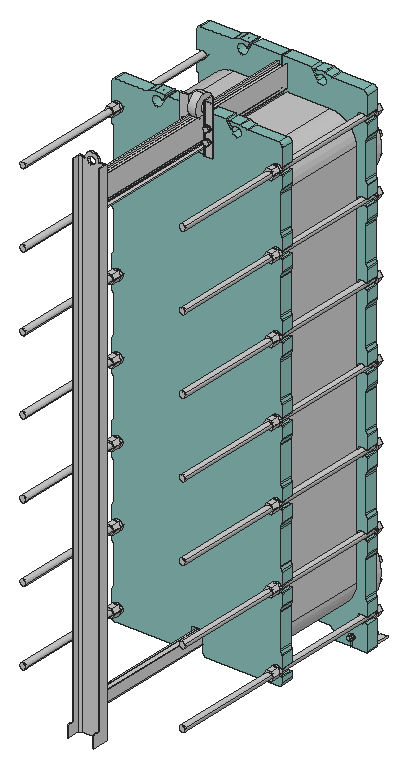
Revit family "MIT 5125 - Heat Exchanger", category Specialty Equipment, Revit 2022 (continued)
Forms (mm)
  Extrusion 12, solid, material "Galvanized Steel- S235JR", detail levels medium+fine
    sketch origin (0, 0, 0) x (1, 0, 0) y (0, 0, 1)
      loop
        circle (-404.5, 2426.5) r 25
      loop
        circle (-404.5, 2046.5) r 25
      loop
        circle (-404.5, 1666.5) r 25
      loop
        circle (-404.5, 1286.5) r 25
      loop
        circle (-404.5, 906.5) r 25
      loop
        circle (-404.5, 526.5) r 25
      loop
        circle (-404.5, 146.5) r 25
    from 0 to -7.5
  Extrusion 13, solid, material "Galvanized Steel- S235JR", detail levels fine
    sketch origin (4.063, -600, 0) x (1, 0, 0) y (0, 0, 1)
      loop
        line (413.716, 169.5) -> (387.158, 169.5) -> (373.879, 146.5) -> (387.158, 123.5) -> (413.716, 123.5) -> (426.995, 146.5) -> (413.716, 169.5)
      loop
        line (413.716, 549.5) -> (387.158, 549.5) -> (373.879, 526.5) -> (387.158, 503.5) -> (413.716, 503.5) -> (426.995, 526.5) -> (413.716, 549.5)
      loop
        line (413.716, 929.5) -> (387.158, 929.5) -> (373.879, 906.5) -> (387.158, 883.5) -> (413.716, 883.5) -> (426.995, 906.5) -> (413.716, 929.5)
      loop
        line (413.716, 1309.5) -> (387.158, 1309.5) -> (373.879, 1286.5) -> (387.158, 1263.5) -> (413.716, 1263.5) -> (426.995, 1286.5) -> (413.716, 1309.5)
      loop
        line (413.716, 1689.5) -> (387.158, 1689.5) -> (373.879, 1666.5) -> (387.158, 1643.5) -> (413.716, 1643.5) -> (426.995, 1666.5) -> (413.716, 1689.5)
      loop
        line (413.716, 2069.5) -> (387.158, 2069.5) -> (373.879, 2046.5) -> (387.158, 2023.5) -> (413.716, 2023.5) -> (426.995, 2046.5) -> (413.716, 2069.5)
      loop
        line (413.716, 2449.5) -> (387.158, 2449.5) -> (373.879, 2426.5) -> (387.158, 2403.5) -> (413.716, 2403.5) -> (426.995, 2426.5) -> (413.716, 2449.5)
      loop
        line (-421.842, 169.5) -> (-435.121, 146.5) -> (-421.842, 123.5) -> (-395.284, 123.5) -> (-382.005, 146.5) -> (-395.284, 169.5) -> (-421.842, 169.5)
      loop
        line (-421.842, 549.5) -> (-435.121, 526.5) -> (-421.842, 503.5) -> (-395.284, 503.5) -> (-382.005, 526.5) -> (-395.284, 549.5) -> (-421.842, 549.5)
      loop
        line (-421.842, 929.5) -> (-435.121, 906.5) -> (-421.842, 883.5) -> (-395.284, 883.5) -> (-382.005, 906.5) -> (-395.284, 929.5) -> (-421.842, 929.5)
      loop
        line (-421.842, 1309.5) -> (-435.121, 1286.5) -> (-421.842, 1263.5) -> (-395.284, 1263.5) -> (-382.005, 1286.5) -> (-395.284, 1309.5) -> (-421.842, 1309.5)
      loop
        line (-421.842, 1689.5) -> (-435.121, 1666.5) -> (-421.842, 1643.5) -> (-395.284, 1643.5) -> (-382.005, 1666.5) -> (-395.284, 1689.5) -> (-421.842, 1689.5)
      loop
        line (-421.842, 2069.5) -> (-435.121, 2046.5) -> (-421.842, 2023.5) -> (-395.284, 2023.5) -> (-382.005, 2046.5) -> (-395.284, 2069.5) -> (-421.842, 2069.5)
      loop
        line (-421.842, 2449.5) -> (-435.121, 2426.5) -> (-421.842, 2403.5) -> (-395.284, 2403.5) -> (-382.005, 2426.5) -> (-395.284, 2449.5) -> (-421.842, 2449.5)
    from 11 to 51.1
  Extrusion 14, solid, material "Galvanized Steel- S235JR", detail levels fine
    sketch origin (4.063, -600, 0) x (1, 0, 0) y (0, 0, 1)
      loop
        circle (400.437, 2426.5) r 25
      loop
        circle (400.437, 2046.5) r 25
      loop
        circle (400.437, 1666.5) r 25
      loop
        circle (400.437, 1286.5) r 25
      loop
        circle (400.437, 906.5) r 25
      loop
        circle (400.437, 526.5) r 25
      loop
        circle (400.437, 146.5) r 25
      loop
        circle (-408.563, 2426.5) r 25
      loop
        circle (-408.563, 2046.5) r 25
      loop
        circle (-408.563, 1666.5) r 25
      loop
        circle (-408.563, 1286.5) r 25
      loop
        circle (-408.563, 906.5) r 25
      loop
        circle (-408.563, 526.5) r 25
      loop
        circle (-408.563, 146.5) r 25
    from 11 to 0
  Extrusion 15, solid, material "Galvanized Steel- S235JR", detail levels medium+fine
    sketch origin (0, 0, 0) x (1, 0, 0) y (0, 0, 1)
      loop
        line (417.779, 169.5) -> (391.221, 169.5) -> (377.942, 146.5) -> (391.221, 123.5) -> (417.779, 123.5) -> (431.058, 146.5) -> (417.779, 169.5)
      loop
        line (417.779, 549.5) -> (391.221, 549.5) -> (377.942, 526.5) -> (391.221, 503.5) -> (417.779, 503.5) -> (431.058, 526.5) -> (417.779, 549.5)
      loop
        line (417.779, 929.5) -> (391.221, 929.5) -> (377.942, 906.5) -> (391.221, 883.5) -> (417.779, 883.5) -> (431.058, 906.5) -> (417.779, 929.5)
      loop
        line (417.779, 1309.5) -> (391.221, 1309.5) -> (377.942, 1286.5) -> (391.221, 1263.5) -> (417.779, 1263.5) -> (431.058, 1286.5) -> (417.779, 1309.5)
      loop
        line (417.779, 1689.5) -> (391.221, 1689.5) -> (377.942, 1666.5) -> (391.221, 1643.5) -> (417.779, 1643.5) -> (431.058, 1666.5) -> (417.779, 1689.5)
      loop
        line (417.779, 2069.5) -> (391.221, 2069.5) -> (377.942, 2046.5) -> (391.221, 2023.5) -> (417.779, 2023.5) -> (431.058, 2046.5) -> (417.779, 2069.5)
      loop
        line (417.779, 2449.5) -> (391.221, 2449.5) -> (377.942, 2426.5) -> (391.221, 2403.5) -> (417.779, 2403.5) -> (431.058, 2426.5) -> (417.779, 2449.5)
      loop
        line (-417.779, 169.5) -> (-431.058, 146.5) -> (-417.779, 123.5) -> (-391.221, 123.5) -> (-377.942, 146.5) -> (-391.221, 169.5) -> (-417.779, 169.5)
      loop
        line (-417.779, 549.5) -> (-431.058, 526.5) -> (-417.779, 503.5) -> (-391.221, 503.5) -> (-377.942, 526.5) -> (-391.221, 549.5) -> (-417.779, 549.5)
      loop
        line (-417.779, 929.5) -> (-431.058, 906.5) -> (-417.779, 883.5) -> (-391.221, 883.5) -> (-377.942, 906.5) -> (-391.221, 929.5) -> (-417.779, 929.5)
      loop
        line (-417.779, 1309.5) -> (-431.058, 1286.5) -> (-417.779, 1263.5) -> (-391.221, 1263.5) -> (-377.942, 1286.5) -> (-391.221, 1309.5) -> (-417.779, 1309.5)
      loop
        line (-417.779, 1689.5) -> (-431.058, 1666.5) -> (-417.779, 1643.5) -> (-391.221, 1643.5) -> (-377.942, 1666.5) -> (-391.221, 1689.5) -> (-417.779, 1689.5)
      loop
        line (-417.779, 2069.5) -> (-431.058, 2046.5) -> (-417.779, 2023.5) -> (-391.221, 2023.5) -> (-377.942, 2046.5) -> (-391.221, 2069.5) -> (-417.779, 2069.5)
      loop
        line (-417.779, 2449.5) -> (-431.058, 2426.5) -> (-417.779, 2403.5) -> (-391.221, 2403.5) -> (-377.942, 2426.5) -> (-391.221, 2449.5) -> (-417.779, 2449.5)
    from -7.5 to -38.2
  Extrusion 16, solid, material "Galvanized Steel- S235JR", detail levels medium+fine
    sketch origin (0, 0, 0) x (1, 0, 0) y (0, 0, 1)
      loop
        circle (219.5, 2256) r 202.5
      loop
        circle (219.5, 2256) r 138.25
      loop
        circle (-219.5, 2256) r 138.25
      loop
        circle (-219.5, 2256) r 202.5
      loop
        circle (-219.5, 317) r 202.5
      loop
        circle (219.5, 317) r 202.5
      loop
        circle (219.5, 317) r 138.25
      loop
        circle (-219.5, 317) r 138.25
    from -37 to 0
  Extrusion 17, void
    sketch origin (202.5, -37.5, 7.5) x (0, 1, 0) y (-1, 0, 0)
      loop
        line (122.5, -85.625) -> (122.5, 490.625) -> (37.5, 490.625) -> (37.5, -85.625) -> (122.5, -85.625)
      loop
        line (88.664, -133.5) -> (122.5, -133.5) -> (122.5, -116.5) -> (88.664, -116.5)
        arc (88.664, -116.5) -> (72, -125) -> (88.664, -133.5) r 10.5
      loop
        line (88.664, -183.5) -> (122.5, -183.5) -> (122.5, -166.5) -> (88.664, -166.5)
        arc (88.664, -166.5) -> (72, -175) -> (88.664, -183.5) r 10.5
      loop
        line (88.664, 521.5) -> (122.5, 521.5) -> (122.5, 538.5) -> (88.664, 538.5)
        arc (88.664, 538.5) -> (72, 530) -> (88.664, 521.5) r 10.5
      loop
        line (88.664, 571.5) -> (122.5, 571.5) -> (122.5, 588.5) -> (88.664, 588.5)
        arc (88.664, 588.5) -> (72, 580) -> (88.664, 571.5) r 10.5
    from -7.5 to 77.5
  Extrusion 18, solid, material "Galvanized Steel- S235JR"
    sketch origin (0, 0, 0) x (0, 1, 0) y (0, 0, 1)
      loop
        line (8, 11) -> (8, 85) -> (0, 85) -> (0, 3)
        arc (0, 3) -> (0.879, 0.879) -> (3, 0) r 3
        line (3, 0) -> (85, 0) -> (85, 8) -> (11, 8)
        arc (11, 8) -> (8.879, 8.879) -> (8, 11) r 3
    from -417.5 to 417.5
  Extrusion 19, solid, material "Galvanized Steel- S235JR"
    sketch origin (4.063, -600, 712.4) x (1, 0, 0) y (0, 0, 1)
      loop
        line (77.937, 1650.6) -> (77.937, 1900.6) -> (32.937, 1900.6) -> (32.937, 1650.6) -> (77.937, 1650.6)
      loop
        line (-86.063, 1650.6) -> (-41.063, 1650.6) -> (-41.063, 1900.6) -> (-86.063, 1900.6) -> (-86.063, 1650.6)
      loop
        circle (-61.775, 1778.105) r 8
      loop
        circle (-61.775, 1728.105) r 8
      loop
        circle (53.645, 1778.105) r 8
      loop
        circle (53.645, 1728.105) r 8
    from 6 to 2
  Extrusion 20, solid, material "Galvanized Steel- S235JR"
    sketch origin (4.063, -602, 712.4) x (-1, 0, 0) y (0, 0, 1)
      loop
        line (-32.937, 1650.6) -> (-32.937, 1900.6) -> (-36.937, 1900.6) -> (-36.937, 1650.6) -> (-32.937, 1650.6)
      loop
        line (41.063, 1650.6) -> (45.063, 1650.6) -> (45.063, 1900.6) -> (41.063, 1900.6) -> (41.063, 1650.6)
    from 0 to 42
  Extrusion 21, solid, material "Galvanized Steel- S235JR"
    sketch origin (-37, -598.562, 2380.492) x (0, 0, 1) y (0, -1, 0)
      loop
        circle (190, -19) r 55
      loop
        circle (190, -19) r 25
    from 17 to 57
  Extrusion 22, solid, material "Galvanized Steel- S235JR"
    sketch origin (-37, -598.563, 2380.501) x (0, 0, 1) y (0, -1, 0)
      loop
        circle (190, -19) r 24.5
    from 0 to 74
  Extrusion 23, solid, material "Galvanized Steel- S235JR"
    sketch origin (-37, -598.562, 2380.492) x (0, 0, 1) y (0, -1, 0)
      loop
        circle (190, -19) r 8
    from -24.052 to 98.5
  Extrusion 24, solid, material "Galvanized Steel- S235JR", detail levels fine
    sketch origin (-37, -598.562, 2380.492) x (0, 0, 1) y (0, -1, 0)
      loop
        line (202.813, -23.837) -> (199.73, -9.822) -> (186.917, -5.985) -> (177.187, -15.163) -> (180.27, -29.178) -> (193.083, -33.015) -> (202.813, -23.837)
    from -15 to 89
  Extrusion 25, solid, material "Galvanized Steel- S235JR", detail levels fine
    sketch origin (-37, -598.562, 2380.492) x (0, 0, 1) y (0, -1, 0)
      loop
        circle (190, -19) r 15
    from -7 to 81
  Extrusion 26, solid, material "Galvanized Steel- S235JR", detail levels medium+fine
    sketch origin (6.091, -600, 1109.777) x (1, 0, 0) y (0, 0, 1)
      loop
        circle (51.659, 1382.723) r 15
      loop
        circle (51.659, 1322.723) r 15
      loop
        circle (-63.841, 1382.723) r 15
      loop
        circle (-63.841, 1322.723) r 15
    from 7.3 to 6
  Extrusion 27, solid, material "Galvanized Steel- S235JR", detail levels medium+fine
    sketch origin (6.091, -600, 1109.777) x (1, 0, 0) y (0, 0, 1)
      loop
        line (60.441, 1334.178) -> (46.13, 1336.056) -> (37.348, 1324.602) -> (42.876, 1311.269) -> (57.188, 1309.391) -> (65.97, 1320.845) -> (60.441, 1334.178)
      loop
        line (60.441, 1394.178) -> (46.13, 1396.056) -> (37.348, 1384.602) -> (42.876, 1371.269) -> (57.188, 1369.391) -> (65.97, 1380.845) -> (60.441, 1394.178)
      loop
        line (-72.624, 1334.178) -> (-78.152, 1320.845) -> (-69.37, 1309.391) -> (-55.059, 1311.269) -> (-49.53, 1324.602) -> (-58.312, 1336.056) -> (-72.624, 1334.178)
      loop
        line (-72.624, 1394.178) -> (-78.152, 1380.845) -> (-69.37, 1369.391) -> (-55.059, 1371.269) -> (-49.53, 1384.602) -> (-58.312, 1396.056) -> (-72.624, 1394.178)
    from 17.3 to 7.3
  Extrusion 28, solid, material "AISI 316L/Titanium/Hastelloy", detail levels fine
    sketch origin (6.091, -540, 768.238) x (-1, 0, 0) y (0, 0, 1)
      loop
        circle (-51.659, 1724.262) r 15
      loop
        circle (-51.659, 1664.262) r 15
      loop
        circle (63.841, 1664.262) r 15
      loop
        circle (63.841, 1724.262) r 15
    from 0 to 2.7
  Extrusion 29, solid, material "AISI 316L/Titanium/Hastelloy", detail levels fine
    sketch origin (6.091, -540, 1109.777) x (-1, 0, 0) y (0, 0, 1)
      loop
        line (-57.212, 1394.891) -> (-64.973, 1383.998) -> (-59.419, 1371.83) -> (-46.105, 1370.556) -> (-38.345, 1381.449) -> (-43.898, 1393.617) -> (-57.212, 1394.891)
      loop
        line (-43.898, 1333.617) -> (-57.212, 1334.891) -> (-64.973, 1323.998) -> (-59.419, 1311.83) -> (-46.105, 1310.556) -> (-38.345, 1321.449) -> (-43.898, 1333.617)
      loop
        line (69.395, 1394.891) -> (56.081, 1393.617) -> (50.527, 1381.449) -> (58.288, 1370.556) -> (71.602, 1371.83) -> (77.155, 1383.998) -> (69.395, 1394.891)
      loop
        line (56.081, 1333.617) -> (50.527, 1321.449) -> (58.288, 1310.556) -> (71.602, 1311.83) -> (77.155, 1323.998) -> (69.395, 1334.891) -> (56.081, 1333.617)
    from 3 to 10.7
  Extrusion 30, solid, material "AISI 316L/Titanium/Hastelloy"
    sketch origin (6.091, -540, 1109.777) x (-1, 0, 0) y (0, 0, 1)
      loop
        circle (63.841, 1382.723) r 8
      loop
        circle (63.841, 1322.723) r 8
      loop
        circle (-51.659, 1322.723) r 8
      loop
        circle (-51.659, 1382.723) r 8
    from -66 to 24.122
  Extrusion 31, solid, material "AISI 316L/Titanium/Hastelloy", detail levels fine
    sketch origin (0, -60, 0) x (-1, 0, 0) y (0, 0, 1)
      loop
        circle (-219.5, 2256) r 115
      loop
        circle (219.5, 2256) r 115
      loop
        circle (219.5, 317) r 115
      loop
        circle (-219.5, 317) r 115
      loop
        line (-373, 2280) -> (-373, 293)
        arc (-373, 293) -> (-334.924, 201.076) -> (-243, 163) r 130
        line (-243, 163) -> (-27.5, 163) -> (-20.25, 168) -> (-20.25, 176) -> (-31.702, 186.764)
        arc (-31.702, 186.764) -> (-32.557, 195.253) -> (-24.268, 197.275) r 6.5
        line (-24.268, 197.275) -> (-6.424, 188.061)
        arc (-6.424, 188.061) -> (0, 186.5) -> (6.424, 188.061) r 14
        line (6.424, 188.061) -> (24.268, 197.275)
        arc (24.268, 197.275) -> (32.557, 195.253) -> (31.702, 186.764) r 6.5
        line (31.702, 186.764) -> (20.25, 176) -> (20.25, 168) -> (27.5, 163) -> (243, 163)
        arc (243, 163) -> (334.924, 201.076) -> (373, 293) r 130
        line (373, 293) -> (373, 2280)
        arc (373, 2280) -> (334.924, 2371.924) -> (243, 2410) r 130
        line (243, 2410) -> (27.5, 2410) -> (20.25, 2405) -> (20.25, 2397) -> (31.702, 2386.236)
        arc (31.702, 2386.236) -> (32.557, 2377.747) -> (24.268, 2375.725) r 6.5
        line (24.268, 2375.725) -> (6.424, 2384.939)
        arc (6.424, 2384.939) -> (0, 2386.5) -> (-6.424, 2384.939) r 14
        line (-6.424, 2384.939) -> (-24.268, 2375.725)
        arc (-24.268, 2375.725) -> (-32.557, 2377.747) -> (-31.702, 2386.236) r 6.5
        line (-31.702, 2386.236) -> (-20.25, 2397) -> (-20.25, 2405) -> (-27.5, 2410) -> (-243, 2410)
        arc (-243, 2410) -> (-334.924, 2371.924) -> (-373, 2280) r 130
    from 0 to -480
  Extrusion 32, void
    sketch origin (-52.5, -1268, 0) x (1, 0, 0) y (0, 0, 1)
      loop
        arc (17, 2620) -> (52.5, 2655.5) -> (88, 2620) r 35.5
        line (88, 2620) -> (120, 2620) -> (120, 2685) -> (-15, 2685) -> (-15, 2620) -> (17, 2620)
      loop
        circle (52.5, 2618.5) r 20
    from -8 to 72
  Extrusion 33, void
    sketch origin (-67.5, -1340, 0) x (0, 1, 0) y (0, 0, -1)
      loop
        arc (15, -60) -> (4.393, -55.607) -> (0, -45) r 15
        line (0, -45) -> (0, -2655.2) -> (35, -2655.2) -> (35, -60) -> (15, -60)
    from -143.878 to 16.14
  Extrusion 34, solid, material "Galvanized Steel- S235JR", detail levels fine
    sketch origin (0, 0, 0) x (1, 0, 0) y (0, 0, 1)
      loop
        circle (352.5, 45) r 15
      loop
        circle (-352.5, 45) r 15
    from -11 to -8
  Extrusion 35, solid, material "Galvanized Steel- S235JR", detail levels coarse
    sketch origin (0, 0, 0) x (0, 1, 0) y (1, 0, 0)
      loop
        line (-1340, -67.5) -> (-1260, -67.5) -> (-1260, 67.5) -> (-1340, 67.5) -> (-1340, -67.5)
    from 0 to -2655.2
  Extrusion 36, solid, material "Galvanized Steel", detail levels medium
    sketch origin (4.063, 0, 0) x (1, 0, 0) y (0, 0, 1)
      loop
        line (209.41, 2565) -> (-217.536, 2565)
        arc (-217.536, 2565) -> (-221.009, 2564.696) -> (-224.377, 2563.794) r 20
        line (-224.377, 2563.794) -> (-250.719, 2554.206)
        arc (-250.719, 2554.206) -> (-254.086, 2553.304) -> (-257.559, 2553) r 20
        line (-257.559, 2553) -> (-436.563, 2553) -> (-436.563, 5)
        arc (-436.563, 5) -> (-435.099, 1.464) -> (-431.563, 0) r 5
        line (-431.563, 0) -> (-281.563, 0)
        arc (-281.563, 0) -> (-278.027, 1.464) -> (-276.563, 5) r 5
        line (-276.563, 5) -> (-276.563, 25.858)
        arc (-276.563, 25.858) -> (-275.802, 29.685) -> (-273.634, 32.929) r 10
        line (-273.634, 32.929) -> (-249.492, 57.071)
        arc (-249.492, 57.071) -> (-246.248, 59.239) -> (-242.421, 60) r 10
        line (-242.421, 60) -> (234.295, 60)
        arc (234.295, 60) -> (238.122, 59.239) -> (241.366, 57.071) r 10
        line (241.366, 57.071) -> (265.508, 32.929)
        arc (265.508, 32.929) -> (267.676, 29.685) -> (268.437, 25.858) r 10
        line (268.437, 25.858) -> (268.437, 5)
        arc (268.437, 5) -> (269.901, 1.464) -> (273.437, 0) r 5
        line (273.437, 0) -> (423.437, 0)
        arc (423.437, 0) -> (426.973, 1.464) -> (428.437, 5) r 5
        line (428.437, 5) -> (428.437, 2553) -> (249.433, 2553)
        arc (249.433, 2553) -> (245.96, 2553.304) -> (242.593, 2554.206) r 20
        line (242.593, 2554.206) -> (216.251, 2563.794)
        arc (216.251, 2563.794) -> (212.883, 2564.696) -> (209.41, 2565) r 20
      loop
        circle (215.437, 2256) r 109
      loop
        circle (215.437, 317) r 109
      loop
        circle (-4.063, 104.5) r 10.5
      loop
        circle (-4.063, 164.5) r 10.5
      loop
        circle (-4.063, 2503.5) r 10.5
      loop
        circle (-4.063, 2443.5) r 10.5
      loop
        circle (195.937, 2525) r 25
      loop
        circle (400.437, 2426.5) r 21
      loop
        circle (400.437, 2046.5) r 21
      loop
        circle (400.437, 1666.5) r 21
      loop
        circle (400.437, 1286.5) r 21
      loop
        circle (400.437, 906.5) r 21
      loop
        circle (400.437, 526.5) r 21
      loop
        circle (400.437, 146.5) r 21
      loop
        circle (348.437, 45) r 10.5
      loop
        circle (-223.563, 2256) r 109
      loop
        circle (-223.563, 317) r 109
      loop
        circle (-204.063, 2525) r 25
      loop
        circle (-408.563, 2426.5) r 21
      loop
        circle (-408.563, 2046.5) r 21
      loop
        circle (-408.563, 1666.5) r 21
      loop
        circle (-408.563, 1286.5) r 21
      loop
        circle (-408.563, 906.5) r 21
      loop
        circle (-408.563, 526.5) r 21
      loop
        circle (-408.563, 146.5) r 21
      loop
        circle (-356.563, 45) r 10.5
    from 0 to 60
  Extrusion 37, solid, material "Galvanized Steel", detail levels medium
    sketch origin (4.063, -540, 0) x (-1, 0, 0) y (0, 0, 1)
      loop
        line (-54.187, 2513) -> (-54.187, 2562)
        arc (-54.187, 2562) -> (-55.066, 2564.121) -> (-57.187, 2565) r 3
        line (-57.187, 2565) -> (-212.41, 2565)
        arc (-212.41, 2565) -> (-215.883, 2564.696) -> (-219.251, 2563.794) r 20
        line (-219.251, 2563.794) -> (-245.593, 2554.206)
        arc (-245.593, 2554.206) -> (-248.96, 2553.304) -> (-252.433, 2553) r 20
        line (-252.433, 2553) -> (-428.437, 2553) -> (-428.437, 100)
        arc (-428.437, 100) -> (-422.579, 85.858) -> (-408.437, 80) r 20
        line (-408.437, 80) -> (-45.937, 80)
        arc (-45.937, 80) -> (-31.795, 85.858) -> (-25.937, 100) r 20
        line (-25.937, 100) -> (-25.937, 195)
        arc (-25.937, 195) -> (-25.058, 197.121) -> (-22.937, 198) r 3
        line (-22.937, 198) -> (31.063, 198)
        arc (31.063, 198) -> (33.184, 197.121) -> (34.063, 195) r 3
        line (34.063, 195) -> (34.063, 100)
        arc (34.063, 100) -> (39.921, 85.858) -> (54.063, 80) r 20
        line (54.063, 80) -> (416.563, 80)
        arc (416.563, 80) -> (430.705, 85.858) -> (436.563, 100) r 20
        line (436.563, 100) -> (436.563, 2553) -> (260.559, 2553)
        arc (260.559, 2553) -> (257.086, 2553.304) -> (253.719, 2554.206) r 20
        line (253.719, 2554.206) -> (227.377, 2563.794)
        arc (227.377, 2563.794) -> (224.009, 2564.696) -> (220.536, 2565) r 20
        line (220.536, 2565) -> (65.313, 2565)
        arc (65.313, 2565) -> (63.192, 2564.121) -> (62.313, 2562) r 3
        line (62.313, 2562) -> (62.313, 2513)
        arc (62.313, 2513) -> (61.434, 2510.879) -> (59.313, 2510) r 3
        line (59.313, 2510) -> (45.063, 2510) -> (45.063, 2365) -> (-36.937, 2365) -> (-36.937, 2510) -> (-51.187, 2510)
        arc (-51.187, 2510) -> (-53.308, 2510.879) -> (-54.187, 2513) r 3
      loop
        circle (-53.687, 2492.5) r 10.5
      loop
        circle (-53.687, 2432.5) r 10.5
      loop
        circle (-195.937, 2525) r 25
      loop
        circle (-400.437, 146.5) r 21
      loop
        circle (-400.437, 526.5) r 21
      loop
        circle (-400.437, 906.5) r 21
      loop
        circle (-400.437, 1286.5) r 21
      loop
        circle (-400.437, 1666.5) r 21
      loop
        circle (-400.437, 2046.5) r 21
      loop
        circle (-400.437, 2426.5) r 21
      loop
        circle (61.813, 2492.5) r 10.5
      loop
        circle (61.813, 2432.5) r 10.5
      loop
        circle (204.063, 2525) r 25
      loop
        circle (408.563, 146.5) r 21
      loop
        circle (408.563, 526.5) r 21
      loop
        circle (408.563, 906.5) r 21
      loop
        circle (408.563, 1286.5) r 21
      loop
        circle (408.563, 1666.5) r 21
      loop
        circle (408.563, 2046.5) r 21
      loop
        circle (408.563, 2426.5) r 21
    from 0 to -60 <- "Follower Plate"
  Extrusion 38, solid, material "AISI 316L/Titanium/Hastelloy", detail levels medium
    sketch origin (0, -60, 0) x (-1, 0, 0) y (0, 0, 1)
      loop
        circle (-219.5, 2256) r 115
      loop
        circle (219.5, 2256) r 115
      loop
        circle (219.5, 317) r 115
      loop
        circle (-219.5, 317) r 115
      loop
        line (-373, 2280) -> (-373, 293) -> (-243, 163) -> (-20.25, 163) -> (-20.25, 176) -> (-33.75, 188.689) -> (-33.75, 198) -> (33.75, 198) -> (33.75, 188.689) -> (20.25, 176) -> (20.25, 163) -> (243, 163) -> (373, 293) -> (373, 2280) -> (243, 2410) -> (20.25, 2410) -> (20.25, 2397) -> (33.75, 2384.311) -> (33.75, 2375) -> (-33.75, 2375) -> (-33.75, 2384.311) -> (-20.25, 2397) -> (-20.25, 2410) -> (-243, 2410) -> (-373, 2280)
    from 0 to -480
  Extrusion 39, solid, material "Galvanized Steel", detail levels coarse
    sketch origin (4.063, 0, 0) x (1, 0, 0) y (0, 0, 1)
      loop
        line (428.437, 2565) -> (-436.563, 2565) -> (-436.563, 0) -> (428.437, 0) -> (428.437, 2565)
      loop
        circle (-4.063, 104.5) r 10.5
      loop
        circle (-4.063, 164.5) r 10.5
      loop
        circle (-4.063, 2503.5) r 10.5
      loop
        circle (-4.063, 2443.5) r 10.5
      loop
        circle (195.937, 2525) r 25
      loop
        circle (400.437, 2426.5) r 21
      loop
        circle (400.437, 2046.5) r 21
      loop
        circle (400.437, 1666.5) r 21
      loop
        circle (400.437, 1286.5) r 21
      loop
        circle (400.437, 906.5) r 21
      loop
        circle (400.437, 526.5) r 21
      loop
        circle (400.437, 146.5) r 21
      loop
        circle (348.437, 45) r 10.5
      loop
        circle (-204.063, 2525) r 25
      loop
        circle (-408.563, 2426.5) r 21
      loop
        circle (-408.563, 2046.5) r 21
      loop
        circle (-408.563, 1666.5) r 21
      loop
        circle (-408.563, 1286.5) r 21
      loop
        circle (-408.563, 906.5) r 21
      loop
        circle (-408.563, 526.5) r 21
      loop
        circle (-408.563, 146.5) r 21
      loop
        circle (-356.563, 45) r 10.5
    from 0 to 60
  Extrusion 40, solid, material "Galvanized Steel", detail levels coarse
    sketch origin (4.063, -540, 0) x (-1, 0, 0) y (0, 0, 1)
      loop
        line (-54.187, 2510) -> (-54.187, 2565) -> (-428.437, 2565) -> (-428.437, 80) -> (-25.937, 80) -> (-25.937, 198) -> (34.063, 198) -> (34.063, 80) -> (436.563, 80) -> (436.563, 2565) -> (62.313, 2565) -> (62.313, 2510) -> (45.063, 2510) -> (45.063, 2365) -> (-36.937, 2365) -> (-36.937, 2510) -> (-54.187, 2510)
      loop
        circle (-53.687, 2492.5) r 10.5
      loop
        circle (-53.687, 2432.5) r 10.5
      loop
        circle (-195.937, 2525) r 25
      loop
        circle (-400.437, 146.5) r 21
      loop
        circle (-400.437, 526.5) r 21
      loop
        circle (-400.437, 906.5) r 21
      loop
        circle (-400.437, 1286.5) r 21
      loop
        circle (-400.437, 1666.5) r 21
      loop
        circle (-400.437, 2046.5) r 21
      loop
        circle (-400.437, 2426.5) r 21
      loop
        circle (61.813, 2492.5) r 10.5
      loop
        circle (61.813, 2432.5) r 10.5
      loop
        circle (204.063, 2525) r 25
      loop
        circle (408.563, 146.5) r 21
      loop
        circle (408.563, 526.5) r 21
      loop
        circle (408.563, 906.5) r 21
      loop
        circle (408.563, 1286.5) r 21
      loop
        circle (408.563, 1666.5) r 21
      loop
        circle (408.563, 2046.5) r 21
      loop
        circle (408.563, 2426.5) r 21
    from 0 to -60 <- "Follower Plate"
  Extrusion 41, solid, material "AISI 316L/Titanium/Hastelloy", detail levels coarse
    sketch origin (0, -60, 0) x (-1, 0, 0) y (0, 0, 1)
      loop
        line (-373, 2410) -> (-373, 163) -> (-33.75, 163) -> (-33.75, 198) -> (33.75, 198) -> (33.75, 163) -> (373, 163) -> (373, 2410) -> (33.75, 2410) -> (33.75, 2375) -> (-33.75, 2375) -> (-33.75, 2410) -> (-373, 2410)
    from 0 to -480
  Extrusion 42, solid, material "Galvanized Steel- S235JR", detail levels coarse
    sketch origin (0, 0, 0) x (1, 0, 0) y (0, 0, 1)
      loop
        circle (219.5, 2256) r 202.5
      loop
        circle (-219.5, 2256) r 202.5
      loop
        circle (-219.5, 317) r 202.5
      loop
        circle (219.5, 317) r 202.5
    from -37 to 0
  Revolve 43, solid, material "EPDM", detail levels fine
    sketch origin (0, 0, 2256) x (1, 0, 0) y (0, 1, 0)
      loop
        line (357.75, 0) -> (357.75, 3) -> (325.5, 3) -> (325.5, -63) -> (357.75, -63) -> (357.75, -60) -> (328.5, -60) -> (328.5, 0) -> (357.75, 0)
      axis (219.5, -63) -> (219.5, 3)
    angle from 0 to 360
  Revolve 44, solid, material "EPDM", detail levels fine
    sketch origin (0, 0, 317) x (1, 0, 0) y (0, 1, 0)
      loop
        line (357.75, 0) -> (357.75, 3) -> (325.5, 3) -> (325.5, -63) -> (357.75, -63) -> (357.75, -60) -> (328.5, -60) -> (328.5, 0) -> (357.75, 0)
      axis (219.5, -63) -> (219.5, 3)
    angle from 0 to 360
  Revolve 45, solid, material "EPDM", detail levels fine
    sketch origin (-439, 0, 317) x (1, 0, 0) y (0, 1, 0)
      loop
        line (357.75, 0) -> (357.75, 3) -> (325.5, 3) -> (325.5, -63) -> (357.75, -63) -> (357.75, -60) -> (328.5, -60) -> (328.5, 0) -> (357.75, 0)
      axis (219.5, -63) -> (219.5, 3)
    angle from 0 to 360
  Revolve 46, solid, material "EPDM", detail levels fine
    sketch origin (-439, 0, 2256) x (1, 0, 0) y (0, 1, 0)
      loop
        line (357.75, 0) -> (357.75, 3) -> (325.5, 3) -> (325.5, -63) -> (357.75, -63) -> (357.75, -60) -> (328.5, -60) -> (328.5, 0) -> (357.75, 0)
      axis (219.5, -63) -> (219.5, 3)
    angle from 0 to 360
Cuts and joins
  Extrusion 17 cuts Extrusion 18
  joined: Extrusion 19, Extrusion 20
  joined: Extrusion 21, Extrusion 22
  Extrusion 32, Extrusion 33 cuts Extrusion 11
Dimensions and locks
  "Lk": plane 7 "1" to plane 6 "2"
  "Head & Follower Plate": plane 1 "Center (Front/Back)" to plane 7 "1"
  "Lc": plane 7 "1" to plane 8 "3"
  "Lc": plane 10 to plane 1 "Center (Front/Back)"
  locked: Extrusion 11 sketch curve to Extrusion 11 sketch curve at 80
  locked: Extrusion 30 to plane 6 "2" at 24.122
  locked: Revolve 43 sketch curve to Revolve 43 sketch curve at 3  (x3)
  locked: Revolve 44 sketch curve to Revolve 44 sketch curve at 3  (x3)
  locked: Revolve 45 sketch curve to Revolve 45 sketch curve at 3  (x3)
  locked: Revolve 46 sketch curve to Revolve 46 sketch curve at 3  (x3)
  "Tightening Bolt": diameter of Extrusion 4 sketch curve  (x14)
  aligned and locked: level to plane 2
  aligned and locked: Extrusion 1 to plane 7 "1"
  aligned and locked: Extrusion 1 to plane 1 "Center (Front/Back)"
  aligned and locked: Extrusion 4 to plane 10
  aligned and locked: Extrusion 4 to plane 1 "Center (Front/Back)"
  aligned and locked: Extrusion 3 to plane 8 "3"
  aligned and locked: Extrusion 3 to Extrusion 1
  aligned and locked: Extrusion 11 sketch curve to Extrusion 11 sketch curve
  aligned and locked: Extrusion 30 to Extrusion 26
  aligned and locked: Extrusion 31 to Extrusion 2
  aligned and locked: Extrusion 35 sketch curve to cut or joined group of Extrusion 11, Extrusion 32, Extrusion 33  (x4)
  aligned and locked: Extrusion 38 to Extrusion 37
  aligned and locked: Extrusion 38 to Extrusion 2
  aligned and locked: Extrusion 41 to Extrusion 40
  aligned and locked: Extrusion 41 to Extrusion 2
  aligned and locked: Extrusion 39 to Revolve 43 sketch curve
Automatic sketch dimensions
  Extrusion 1 sketch curve to Extrusion 1 sketch curve = 0.00 mm  (x50)
  Extrusion 1 sketch curve to level = 0.00 mm  (x4)
  Extrusion 1 sketch curve to plane 11 "12" = 0.00 mm  (x2)
  Extrusion 1 sketch curve to plane 3 "Center (Left/Right)" = 0.00 mm  (x4)
  Extrusion 1 sketch curve to plane 3 "Center (Left/Right)" = 3.00 mm  (x4)
  Extrusion 1 sketch curve to Extrusion 1 sketch curve = 3.00 mm  (x63)
  Extrusion 1 sketch curve to Extrusion 1 sketch curve = 142.038 mm  (x2)
  Extrusion 1 sketch curve to Extrusion 1 sketch curve = 16.454 mm  (x2)
  Extrusion 1 sketch curve to Extrusion 1 sketch curve = 2.598 mm  (x4)
  Extrusion 1 sketch curve to Extrusion 1 sketch curve = 11.172 mm  (x2)
  Extrusion 1 sketch curve to Extrusion 1 sketch curve = 2.684 mm  (x2)
  Extrusion 1 sketch curve to Extrusion 1 sketch curve = 21.651 mm  (x2)
  Extrusion 1 sketch curve to Extrusion 1 sketch curve = 35.21 mm  (x2)
  Extrusion 1 sketch curve to plane 3 "Center (Left/Right)" = 219.50 mm  (x2)
  Extrusion 1 sketch curve to Extrusion 1 sketch curve = 6.84 mm  (x4)
  level to Extrusion 1 sketch curve = 50.00 mm  (x2)
  Extrusion 1 sketch curve to Extrusion 1 sketch curve = 232.358 mm  (x2)
  level to Extrusion 1 sketch curve = 57.071 mm  (x2)
  Extrusion 1 sketch curve to Extrusion 1 sketch curve = 7.071 mm  (x4)
  Extrusion 1 sketch curve to Extrusion 1 sketch curve = 26.342 mm  (x2)
  Extrusion 1 sketch curve to Extrusion 1 sketch curve = 24.142 mm  (x2)
  level to Extrusion 1 sketch curve = 32.929 mm  (x2)
  level to Extrusion 1 sketch curve = 5.00 mm  (x2)
  Extrusion 1 sketch curve to Extrusion 1 sketch curve = 10.00 mm
  level to Extrusion 1 sketch curve = 3.00 mm  (x3)
  Extrusion 1 sketch curve to Extrusion 1 sketch curve = 69.00 mm  (x3)
  Extrusion 1 sketch curve to Extrusion 1 sketch curve = 6.00 mm  (x2)
  Extrusion 1 sketch curve to Extrusion 1 sketch curve = 185.00 mm  (x4)
  Extrusion 1 sketch curve to Extrusion 1 sketch curve = 52.00 mm  (x2)
  Extrusion 1 sketch curve to Extrusion 1 sketch curve = 151.004 mm  (x2)
  Extrusion 1 sketch curve to Extrusion 1 sketch curve = 8.00 mm  (x26)
  Extrusion 1 sketch curve to Extrusion 1 sketch curve = 13.991 mm  (x28)
  Extrusion 1 sketch curve to Extrusion 1 sketch curve = 12.00 mm  (x12)
  Extrusion 1 sketch curve to Extrusion 1 sketch curve = 1.206 mm  (x38)
  Extrusion 1 sketch curve to plane 11 "12" = 308.686 mm  (x2)
  plane 11 "12" to Extrusion 1 sketch curve = 71.314 mm  (x2)
  level to Extrusion 1 sketch curve = 245.686 mm  (x2)
  Extrusion 1 sketch curve to plane 11 "12" = 110.314 mm  (x2)
  Extrusion 1 sketch curve to Extrusion 1 sketch curve = 11.009 mm  (x26)
  Extrusion 1 sketch curve to plane 11 "12" = 125.666 mm  (x2)
  Extrusion 1 sketch curve to Extrusion 1 sketch curve = 5.588 mm  (x24)
  plane 11 "12" to Extrusion 1 sketch curve = 86.666 mm  (x2)
  level to Extrusion 1 sketch curve = 230.334 mm  (x2)
  Extrusion 1 sketch curve to Extrusion 1 sketch curve = 14.009 mm  (x2)
  Extrusion 1 sketch curve to Extrusion 1 sketch curve = 18.794 mm  (x14)
  Extrusion 1 sketch curve to Extrusion 1 sketch curve = 20.00 mm  (x13)
  plane 3 "Center (Left/Right)" to Extrusion 1 sketch curve = 3.00 mm  (x4)
  plane 3 "Center (Left/Right)" to Extrusion 1 sketch curve = 219.50 mm  (x2)
  Extrusion 1 sketch curve to Extrusion 1 sketch curve = 2.929 mm
  Extrusion 1 sketch curve to Extrusion 1 sketch curve = 74.00 mm
  Extrusion 1 sketch curve to Extrusion 1 sketch curve = 29.907 mm  (x2)
  Extrusion 1 sketch curve to Extrusion 1 sketch curve = 12.093 mm  (x8)
  Extrusion 1 sketch curve to Extrusion 1 sketch curve = 29.407 mm
  Extrusion 1 sketch curve to Extrusion 1 sketch curve = 96.494 mm  (x2)
  Extrusion 1 sketch curve to Extrusion 1 sketch curve = 16.50 mm  (x28)
  Extrusion 1 sketch curve to Extrusion 1 sketch curve = 35.813 mm  (x2)
  Extrusion 1 sketch curve to Extrusion 1 sketch curve = 93.506 mm  (x2)
  Extrusion 1 sketch curve to Extrusion 1 sketch curve = 103.473 mm  (x2)
  Extrusion 1 sketch curve to Extrusion 1 sketch curve = 15.352 mm  (x18)
  Extrusion 1 sketch curve to Extrusion 1 sketch curve = 57.494 mm  (x20)
  Extrusion 1 sketch curve to Extrusion 1 sketch curve = 167.947 mm  (x6)
  plane 11 "12" to Extrusion 1 sketch curve = 187.50 mm
  Extrusion 1 sketch curve to Extrusion 1 sketch curve = 21.093 mm  (x2)
  Extrusion 1 sketch curve to Extrusion 1 sketch curve = 12.50 mm  (x2)
  Extrusion 1 sketch curve to Extrusion 1 sketch curve = 87.00 mm  (x2)
  Extrusion 1 sketch curve to Extrusion 1 sketch curve = 28.65 mm  (x2)
  Extrusion 1 sketch curve to Extrusion 1 sketch curve = 1.50 mm  (x4)
  Extrusion 1 sketch curve to Extrusion 1 sketch curve = 19.35 mm  (x2)
  Extrusion 1 sketch curve to Extrusion 1 sketch curve = 46.407 mm
  Extrusion 1 sketch curve to Extrusion 1 sketch curve = 109.00 mm  (x4)
  plane 3 "Center (Left/Right)" to Extrusion 2 sketch curve = 444.50 mm  (x2)
  Extrusion 2 sketch curve to Extrusion 2 sketch curve = 0.00 mm  (x46)
  Extrusion 2 sketch curve to plane 11 "12" = 103.473 mm
  plane 11 "12" to Extrusion 2 sketch curve = 64.473 mm
  Extrusion 2 sketch curve to Extrusion 2 sketch curve = 12.00 mm  (x18)
  Extrusion 2 sketch curve to Extrusion 2 sketch curve = 1.206 mm  (x35)
  plane 11 "12" to Extrusion 2 sketch curve = 86.666 mm  (x2)
  Extrusion 2 sketch curve to plane 11 "12" = 125.666 mm  (x2)
  Extrusion 2 sketch curve to plane 11 "12" = 293.334 mm
  level to Extrusion 2 sketch curve = 230.334 mm
  Extrusion 2 sketch curve to Extrusion 2 sketch curve = 3.00 mm  (x70)
  Extrusion 2 sketch curve to Extrusion 2 sketch curve = 5.588 mm  (x23)
  plane 11 "12" to Extrusion 2 sketch curve = 71.314 mm  (x2)
  Extrusion 2 sketch curve to plane 11 "12" = 110.314 mm  (x2)
  level to Extrusion 2 sketch curve = 245.686 mm  (x2)
  Extrusion 2 sketch curve to Extrusion 2 sketch curve = 11.009 mm  (x28)
  Extrusion 2 sketch curve to Extrusion 2 sketch curve = 18.794 mm  (x10)
  Extrusion 2 sketch curve to Extrusion 2 sketch curve = 20.00 mm  (x21)
  Extrusion 2 sketch curve to Extrusion 2 sketch curve = 13.991 mm  (x21)
  Extrusion 2 sketch curve to Extrusion 2 sketch curve = 156.004 mm
  Extrusion 2 sketch curve to Extrusion 2 sketch curve = 6.84 mm  (x4)
  Extrusion 2 sketch curve to Extrusion 2 sketch curve = 26.342 mm  (x2)
  Extrusion 2 sketch curve to Extrusion 2 sketch curve = 16.473 mm  (x2)
  Extrusion 2 sketch curve to Extrusion 2 sketch curve = 21.651 mm  (x2)
  Extrusion 2 sketch curve to Extrusion 2 sketch curve = 23.041 mm
  Extrusion 2 sketch curve to Extrusion 2 sketch curve = 2.598 mm  (x6)
  Extrusion 2 sketch curve to Extrusion 2 sketch curve = 12.177 mm  (x2)
  Extrusion 2 sketch curve to Extrusion 2 sketch curve = 13.279 mm  (x2)
  plane 3 "Center (Left/Right)" to Extrusion 2 sketch curve = 61.25 mm
  Extrusion 2 sketch curve to Extrusion 2 sketch curve = 0.50 mm  (x3)
  plane 3 "Center (Left/Right)" to Extrusion 2 sketch curve = 57.75 mm
  plane 3 "Center (Left/Right)" to Extrusion 2 sketch curve = 50.00 mm
  Extrusion 2 sketch curve to Extrusion 2 sketch curve = 12.093 mm  (x4)
  Extrusion 2 sketch curve to Extrusion 2 sketch curve = 1.657 mm  (x8)
  Extrusion 2 sketch curve to Extrusion 2 sketch curve = 11.25 mm  (x2)
  plane 3 "Center (Left/Right)" to Extrusion 2 sketch curve = 30.00 mm
  Extrusion 2 sketch curve to plane 3 "Center (Left/Right)" = 27.00 mm
  Extrusion 2 sketch curve to plane 3 "Center (Left/Right)" = 38.00 mm
  Extrusion 2 sketch curve to plane 3 "Center (Left/Right)" = 41.00 mm  (x2)
  Extrusion 2 sketch curve to Extrusion 2 sketch curve = 85.056 mm
  Extrusion 2 sketch curve to Extrusion 2 sketch curve = 3.989 mm
  level to Extrusion 2 sketch curve = 146.50 mm
  Extrusion 2 sketch curve to Extrusion 2 sketch curve = 354.50 mm
  Extrusion 2 sketch curve to plane 3 "Center (Left/Right)" = 404.50 mm
  Extrusion 2 sketch curve to Extrusion 2 sketch curve = 148.004 mm
  Extrusion 2 sketch curve to Extrusion 2 sketch curve = 8.00 mm  (x14)
  Extrusion 2 sketch curve to plane 11 "12" = 308.686 mm
  Extrusion 2 sketch curve to Extrusion 2 sketch curve = 16.50 mm  (x28)
  Extrusion 2 sketch curve to Extrusion 2 sketch curve = 93.494 mm
  Extrusion 2 sketch curve to Extrusion 2 sketch curve = 27.00 mm  (x2)
  Extrusion 2 sketch curve to Extrusion 2 sketch curve = 95.00 mm
  Extrusion 2 sketch curve to Extrusion 2 sketch curve = 22.192 mm  (x2)
  Extrusion 2 sketch curve to Extrusion 2 sketch curve = 167.947 mm  (x8)
  Extrusion 2 sketch curve to Extrusion 2 sketch curve = 15.352 mm  (x17)
  Extrusion 2 sketch curve to Extrusion 2 sketch curve = 57.494 mm  (x20)
  plane 11 "12" to Extrusion 2 sketch curve = 109.00 mm
  Extrusion 2 sketch curve to Extrusion 2 sketch curve = 58.50 mm  (x2)
  Extrusion 2 sketch curve to Extrusion 2 sketch curve = 6.00 mm  (x4)
  Extrusion 2 sketch curve to Extrusion 2 sketch curve = 48.00 mm  (x2)
  Extrusion 2 sketch curve to Extrusion 2 sketch curve = 8.50 mm  (x2)
  Extrusion 2 sketch curve to Extrusion 2 sketch curve = 12.50 mm  (x2)
  Extrusion 2 sketch curve to Extrusion 2 sketch curve = 87.00 mm  (x2)
  Extrusion 2 sketch curve to Extrusion 2 sketch curve = 26.909 mm  (x2)
  Extrusion 2 sketch curve to Extrusion 2 sketch curve = 1.50 mm  (x4)
  Extrusion 2 sketch curve to Extrusion 2 sketch curve = 21.091 mm  (x2)
  Extrusion 2 sketch curve to Extrusion 2 sketch curve = 49.00 mm  (x2)
  Extrusion 3 sketch curve to plane 3 "Center (Left/Right)" = 26.125 mm
  Extrusion 3 sketch curve to plane 3 "Center (Left/Right)" = 23.125 mm
  Extrusion 3 sketch curve to Extrusion 3 sketch curve = 2.00 mm  (x11)
  Extrusion 3 sketch curve to Extrusion 3 sketch curve = 3.00 mm  (x9)
  Extrusion 3 sketch curve to plane 3 "Center (Left/Right)" = 20.00 mm
  Extrusion 3 sketch curve to Extrusion 3 sketch curve = 6.00 mm  (x2)
  Extrusion 3 sketch curve to plane 3 "Center (Left/Right)" = 6.125 mm  (x2)
  Extrusion 3 sketch curve to plane 3 "Center (Left/Right)" = 3.125 mm
  plane 3 "Center (Left/Right)" to Extrusion 3 sketch curve = 2.875 mm  (x2)
  plane 3 "Center (Left/Right)" to Extrusion 3 sketch curve = 12.875 mm
  Extrusion 3 sketch curve to Extrusion 3 sketch curve = 7.00 mm  (x2)
  plane 3 "Center (Left/Right)" to Extrusion 3 sketch curve = 13.00 mm  (x2)
  Extrusion 3 sketch curve to Extrusion 3 sketch curve = 5.00 mm  (x4)
  Extrusion 3 sketch curve to Extrusion 3 sketch curve = 8.00 mm
  Extrusion 3 sketch curve to Extrusion 3 sketch curve = 20.00 mm
  level to Extrusion 3 sketch curve = 124.50 mm
  Extrusion 3 sketch curve to Extrusion 3 sketch curve = 46.00 mm
  plane 11 "12" to Extrusion 3 sketch curve = 131.50 mm
  Extrusion 3 sketch curve to Extrusion 3 sketch curve = 0.00 mm  (x3)
  Extrusion 3 sketch curve to Extrusion 3 sketch curve = 24.00 mm
  Extrusion 3 sketch curve to Extrusion 3 sketch curve = 86.00 mm
  Extrusion 3 sketch curve to Extrusion 3 sketch curve = 12.00 mm  (x2)
  Extrusion 4 sketch curve to Extrusion 4 sketch curve = 0.00 mm  (x38)
  Extrusion 4 sketch curve to plane 3 "Center (Left/Right)" = 404.50 mm
  plane 11 "12" to Extrusion 4 sketch curve = 170.50 mm  (x2)
  level to Extrusion 4 sketch curve = 146.50 mm  (x2)
  plane 3 "Center (Left/Right)" to Extrusion 4 sketch curve = 404.50 mm  (x3)
  Extrusion 4 sketch curve to Extrusion 4 sketch curve = 380.00 mm  (x8)
  Extrusion 4 sketch curve to plane 11 "12" = 209.50 mm  (x2)
  Extrusion 4 sketch curve to Extrusion 4 sketch curve = 13.795 mm  (x28)
  level to Extrusion 5 sketch curve = 46.878 mm  (x2)
  Extrusion 5 sketch curve to plane 3 "Center (Left/Right)" = 366.811 mm
  level to Extrusion 5 sketch curve = 33.545 mm  (x2)
  Extrusion 5 sketch curve to Extrusion 5 sketch curve = 5.529 mm  (x2)
  level to Extrusion 5 sketch curve = 58.333 mm  (x2)
  Extrusion 5 sketch curve to Extrusion 5 sketch curve = 8.782 mm  (x4)
  level to Extrusion 5 sketch curve = 31.667 mm  (x2)
  Extrusion 5 sketch curve to Extrusion 5 sketch curve = 14.311 mm  (x4)
  level to Extrusion 5 sketch curve = 56.455 mm  (x2)
  level to Extrusion 5 sketch curve = 43.122 mm  (x2)
  plane 3 "Center (Left/Right)" to Extrusion 5 sketch curve = 338.189 mm
  Extrusion 6 sketch curve to Extrusion 6 sketch curve = 0.00 mm  (x2)
  Extrusion 1 to Extrusion 6 sketch curve = 1.144 mm  (x2)
  Extrusion 6 sketch curve to Extrusion 1 = 2.746 mm  (x2)
  Extrusion 7 sketch curve to Extrusion 7 sketch curve = 0.00 mm  (x4)
  level to Extrusion 7 sketch curve = 45.00 mm  (x2)
  Extrusion 7 sketch curve to plane 3 "Center (Left/Right)" = 352.50 mm
  plane 3 "Center (Left/Right)" to Extrusion 7 sketch curve = 352.50 mm
  Extrusion 7 sketch curve to Extrusion 7 sketch curve = 3.064 mm  (x4)
  Extrusion 7 sketch curve to Extrusion 7 sketch curve = 7.39 mm  (x2)
  Extrusion 8 sketch curve to Extrusion 1 = 11.311 mm  (x4)
  Extrusion 8 sketch curve to Extrusion 1 = 5.782 mm  (x4)
  Extrusion 8 sketch curve to Extrusion 1 = 2.529 mm  (x4)
  Extrusion 1 to Extrusion 8 sketch curve = 28.333 mm  (x2)
  Extrusion 8 sketch curve to Extrusion 8 sketch curve = 1.878 mm  (x2)
  Extrusion 8 sketch curve to Extrusion 8 sketch curve = 11.455 mm  (x2)
  Extrusion 1 to Extrusion 8 sketch curve = 13.122 mm  (x2)
  Extrusion 1 to Extrusion 8 sketch curve = 3.545 mm  (x2)
  Extrusion 1 to Extrusion 8 sketch curve = 1.667 mm  (x2)
  Extrusion 9 sketch curve to plane 3 "Center (Left/Right)" = 410.722 mm  (x2)
  Extrusion 9 sketch curve to plane 11 "12" = 42.982 mm  (x2)
  Extrusion 9 sketch curve to Extrusion 9 sketch curve = 1.169 mm  (x2)
  plane 11 "12" to Extrusion 9 sketch curve = 38.618 mm  (x2)
  plane 11 "12" to Extrusion 9 sketch curve = 58.388 mm  (x2)
  Extrusion 9 sketch curve to Extrusion 9 sketch curve = 2.959 mm  (x65)
  Extrusion 9 sketch curve to Extrusion 9 sketch curve = 7.323 mm  (x62)
  Extrusion 9 sketch curve to plane 11 "12" = 61.582 mm  (x2)
  Extrusion 9 sketch curve to Extrusion 9 sketch curve = 12.447 mm  (x70)
  Extrusion 9 sketch curve to plane 11 "12" = 27.34 mm  (x2)
  Extrusion 9 sketch curve to Extrusion 9 sketch curve = 15.642 mm  (x65)
  plane 11 "12" to Extrusion 9 sketch curve = 26.171 mm  (x4)
  plane 11 "12" to Extrusion 9 sketch curve = 65.71 mm  (x2)
  Extrusion 9 sketch curve to Extrusion 9 sketch curve = 18.601 mm  (x88)
  Extrusion 9 sketch curve to plane 11 "12" = 64.541 mm  (x2)
  Extrusion 9 sketch curve to Extrusion 9 sketch curve = 19.77 mm  (x88)
  Extrusion 9 sketch curve to plane 11 "12" = 30.299 mm  (x2)
  plane 11 "12" to Extrusion 9 sketch curve = 33.493 mm  (x2)
  plane 11 "12" to Extrusion 9 sketch curve = 53.263 mm  (x2)
  Extrusion 9 sketch curve to plane 11 "12" = 48.899 mm  (x2)
  plane 11 "12" to Extrusion 9 sketch curve = 128.47 mm  (x2)
  Extrusion 9 sketch curve to Extrusion 9 sketch curve = 23.212 mm  (x8)
  Extrusion 9 sketch curve to plane 11 "12" = 132.834 mm  (x2)
  Extrusion 9 sketch curve to Extrusion 9 sketch curve = 20.017 mm  (x4)
  Extrusion 9 sketch curve to plane 11 "12" = 113.064 mm  (x2)
  plane 11 "12" to Extrusion 9 sketch curve = 109.87 mm  (x2)
  plane 11 "12" to Extrusion 9 sketch curve = 144.112 mm  (x2)
  level to Extrusion 9 sketch curve = 171.719 mm  (x2)
  Extrusion 9 sketch curve to plane 11 "12" = 145.281 mm  (x2)
  Extrusion 9 sketch curve to plane 11 "12" = 105.742 mm  (x2)
  plane 11 "12" to Extrusion 9 sketch curve = 106.911 mm  (x2)
  plane 11 "12" to Extrusion 9 sketch curve = 141.153 mm  (x2)
  Extrusion 9 sketch curve to plane 11 "12" = 137.959 mm  (x2)
  Extrusion 9 sketch curve to plane 11 "12" = 118.189 mm  (x2)
  plane 11 "12" to Extrusion 9 sketch curve = 122.553 mm  (x2)
  Extrusion 9 sketch curve to Extrusion 9 sketch curve = 44.159 mm  (x4)
  Extrusion 9 sketch curve to Extrusion 9 sketch curve = 48.523 mm  (x10)
  level to Extrusion 9 sketch curve = 129.906 mm  (x2)
  level to Extrusion 9 sketch curve = 126.948 mm  (x2)
  Extrusion 9 sketch curve to Extrusion 9 sketch curve = 52.341 mm  (x4)
  Extrusion 9 sketch curve to Extrusion 9 sketch curve = 54.68 mm  (x4)
  Extrusion 9 sketch curve to Extrusion 9 sketch curve = 41.201 mm  (x4)
  Extrusion 9 sketch curve to Extrusion 9 sketch curve = 53.648 mm  (x10)
  Extrusion 9 sketch curve to Extrusion 9 sketch curve = 29.129 mm  (x12)
  Extrusion 9 sketch curve to Extrusion 9 sketch curve = 14.893 mm  (x4)
  plane 3 "Center (Left/Right)" to Extrusion 9 sketch curve = 28.278 mm  (x2)
  plane 3 "Center (Left/Right)" to Extrusion 9 sketch curve = 29.448 mm  (x2)
  Extrusion 9 sketch curve to Extrusion 9 sketch curve = 0.00 mm  (x4)
  Extrusion 9 sketch curve to Extrusion 9 sketch curve = 53.51 mm  (x4)
  Extrusion 9 sketch curve to Extrusion 9 sketch curve = 52.094 mm  (x2)
  Extrusion 10 sketch curve to plane 3 "Center (Left/Right)" = 12.65 mm  (x4)
  Extrusion 10 sketch curve to plane 3 "Center (Left/Right)" = 12.013 mm  (x4)
  Extrusion 10 sketch curve to plane 3 "Center (Left/Right)" = 0.481 mm  (x4)
  plane 3 "Center (Left/Right)" to Extrusion 10 sketch curve = 0.793 mm  (x4)
  plane 3 "Center (Left/Right)" to Extrusion 10 sketch curve = 12.326 mm  (x4)
  plane 3 "Center (Left/Right)" to Extrusion 10 sketch curve = 12.963 mm  (x4)
  level to Extrusion 10 sketch curve = 90.081 mm
  Extrusion 10 sketch curve to Extrusion 10 sketch curve = 6.658 mm  (x5)
  Extrusion 10 sketch curve to Extrusion 10 sketch curve = 7.762 mm  (x7)
  Extrusion 10 sketch curve to Extrusion 10 sketch curve = 14.42 mm  (x8)
  Extrusion 10 sketch curve to Extrusion 10 sketch curve = 31.161 mm  (x2)
  plane 11 "12" to Extrusion 10 sketch curve = 173.081 mm
  Extrusion 11 sketch curve to plane 8 "3" = 0.00 mm
  Extrusion 11 sketch curve to plane 3 "Center (Left/Right)" = 67.50 mm
  Extrusion 11 sketch curve to Extrusion 11 sketch curve = 5.00 mm
  Extrusion 11 sketch curve to plane 8 "3" = 8.00 mm
  Extrusion 11 sketch curve to Extrusion 11 sketch curve = 10.00 mm
  plane 3 "Center (Left/Right)" to Extrusion 11 sketch curve = 52.50 mm
  plane 3 "Center (Left/Right)" to Extrusion 11 sketch curve = 62.50 mm
  Extrusion 11 sketch curve to Extrusion 11 sketch curve = 15.00 mm
  Extrusion 12 sketch curve to Extrusion 12 sketch curve = 0.00 mm  (x38)
  Extrusion 12 sketch curve to plane 3 "Center (Left/Right)" = 404.50 mm
  level to Extrusion 12 sketch curve = 146.50 mm  (x2)
  plane 11 "12" to Extrusion 12 sketch curve = 170.50 mm  (x2)
  plane 3 "Center (Left/Right)" to Extrusion 12 sketch curve = 404.50 mm  (x3)
  Extrusion 12 sketch curve to Extrusion 12 sketch curve = 380.00 mm  (x8)
  Extrusion 12 sketch curve to plane 11 "12" = 209.50 mm  (x2)
  Extrusion 12 sketch curve to Extrusion 12 sketch curve = 4.04 mm  (x28)
  Extrusion 12 sketch curve to Extrusion 12 sketch curve = 24.671 mm  (x14)
  Extrusion 13 sketch curve to Extrusion 2 = 1.442 mm  (x14)
  Extrusion 13 sketch curve to Extrusion 2 = 6.721 mm  (x28)
  Extrusion 13 sketch curve to Extrusion 2 = 6.50 mm  (x28)
  Extrusion 13 sketch curve to Extrusion 13 sketch curve = 26.558 mm  (x14)
  Extrusion 2 to Extrusion 13 sketch curve = 16.50 mm  (x24)
  Extrusion 13 sketch curve to Extrusion 13 sketch curve = 13.279 mm  (x21)
  Extrusion 13 sketch curve to Extrusion 2 = 3.00 mm  (x4)
  Extrusion 13 sketch curve to Extrusion 2 = 46.558 mm  (x7)
  Extrusion 14 sketch curve to Extrusion 14 sketch curve = 0.00 mm  (x14)
  Extrusion 14 sketch curve to Extrusion 2 = 8.171 mm  (x28)
  Extrusion 15 sketch curve to plane 11 "12" = 209.50 mm  (x2)
  Extrusion 15 sketch curve to plane 3 "Center (Left/Right)" = 431.058 mm  (x3)
  level to Extrusion 15 sketch curve = 146.50 mm  (x4)
  Extrusion 15 sketch curve to Extrusion 15 sketch curve = 0.00 mm  (x4)
  plane 11 "12" to Extrusion 15 sketch curve = 170.50 mm  (x4)
  Extrusion 15 sketch curve to Extrusion 15 sketch curve = 13.279 mm  (x42)
  level to Extrusion 15 sketch curve = 123.50 mm
  level to Extrusion 15 sketch curve = 169.50 mm  (x2)
  Extrusion 15 sketch curve to plane 11 "12" = 186.50 mm  (x2)
  plane 11 "12" to Extrusion 15 sketch curve = 147.50 mm  (x2)
  Extrusion 15 sketch curve to Extrusion 15 sketch curve = 26.558 mm  (x28)
  plane 3 "Center (Left/Right)" to Extrusion 15 sketch curve = 377.942 mm  (x7)
  Extrusion 15 sketch curve to Extrusion 15 sketch curve = 23.00 mm  (x31)
  Extrusion 15 sketch curve to Extrusion 15 sketch curve = 334.00 mm  (x8)
  Extrusion 16 sketch curve to Extrusion 16 sketch curve = 0.00 mm  (x48)
  Extrusion 16 sketch curve to plane 11 "12" = 0.00 mm  (x2)
  Extrusion 16 sketch curve to plane 3 "Center (Left/Right)" = 219.50 mm  (x2)
  plane 3 "Center (Left/Right)" to Extrusion 16 sketch curve = 219.50 mm  (x2)
  level to Extrusion 16 sketch curve = 317.00 mm  (x2)
  Extrusion 16 sketch curve to Extrusion 16 sketch curve = 69.125 mm  (x6)
  Extrusion 16 sketch curve to Extrusion 16 sketch curve = 32.125 mm  (x8)
  plane 3 "Center (Left/Right)" to Extrusion 16 sketch curve = 118.25 mm  (x2)
  Extrusion 16 sketch curve to plane 11 "12" = 119.728 mm  (x2)
  Extrusion 16 sketch curve to Extrusion 16 sketch curve = 55.642 mm  (x4)
  Extrusion 16 sketch curve to Extrusion 16 sketch curve = 175.37 mm  (x2)
  plane 1 "Center (Front/Back)" to Extrusion 17 sketch curve = 0.00 mm
  plane 9 "Bolt End" to Extrusion 17 sketch curve = 26.30 mm  (x4)
  Extrusion 17 sketch curve to Extrusion 17 sketch curve = 6.164 mm  (x8)
  Extrusion 17 sketch curve to Extrusion 17 sketch curve = 33.836 mm
  Extrusion 17 sketch curve to Extrusion 17 sketch curve = 0.00 mm  (x4)
  plane 3 "Center (Left/Right)" to Extrusion 17 sketch curve = 386.00 mm
  Extrusion 17 sketch curve to Extrusion 17 sketch curve = 8.50 mm  (x4)
  Extrusion 17 sketch curve to Extrusion 17 sketch curve = 33.00 mm  (x2)
  Extrusion 17 sketch curve to Extrusion 17 sketch curve = 30.875 mm  (x2)
  Extrusion 17 sketch curve to plane 3 "Center (Left/Right)" = 288.125 mm
  Extrusion 18 sketch curve to plane 1 "Center (Front/Back)" = 0.00 mm
  Extrusion 18 sketch curve to level = 0.00 mm
  level to Extrusion 18 sketch curve = 3.00 mm
  Extrusion 18 sketch curve to plane 1 "Center (Front/Back)" = 8.00 mm
  Extrusion 18 sketch curve to Extrusion 18 sketch curve = 3.00 mm
  plane 9 "Bolt End" to Extrusion 18 sketch curve = 66.30 mm
  Extrusion 18 sketch curve to Extrusion 18 sketch curve = 8.00 mm
  Extrusion 18 sketch curve to Extrusion 18 sketch curve = 74.00 mm
  Extrusion 19 sketch curve to Extrusion 19 sketch curve = 0.00 mm  (x8)
  Extrusion 19 sketch curve to Extrusion 2 = 2.00 mm  (x2)
  Extrusion 19 sketch curve to Extrusion 2 = 23.75 mm  (x2)
  Extrusion 2 to Extrusion 19 sketch curve = 0.538 mm  (x2)
  Extrusion 2 to Extrusion 19 sketch curve = 4.00 mm  (x2)
  Extrusion 2 to Extrusion 19 sketch curve = 0.542 mm  (x2)
  Extrusion 2 to Extrusion 19 sketch curve = 2.495 mm  (x2)
  Extrusion 2 to Extrusion 19 sketch curve = 1.005 mm  (x2)
  Extrusion 2 to Extrusion 19 sketch curve = 48.00 mm  (x2)
  Extrusion 2 to Extrusion 19 sketch curve = 1.396 mm  (x2)
  Extrusion 19 sketch curve to Extrusion 2 = 7.386 mm  (x2)
  Extrusion 2 to Extrusion 19 sketch curve = 2.104 mm  (x2)
  Extrusion 2 to Extrusion 19 sketch curve = 3.594 mm  (x2)
  Extrusion 19 sketch curve to Extrusion 2 = 0.094 mm  (x2)
  Extrusion 19 sketch curve to Extrusion 19 sketch curve = 7.924 mm  (x2)
  Extrusion 20 sketch curve to Extrusion 19 = 0.00 mm  (x5)
  Extrusion 19 to Extrusion 20 sketch curve = 0.00 mm
  Extrusion 20 sketch curve to Extrusion 19 = 4.00 mm
  Extrusion 20 sketch curve to Extrusion 20 sketch curve = 4.00 mm
  Extrusion 21 sketch curve to Extrusion 21 sketch curve = 0.00 mm  (x2)
  Extrusion 20 to Extrusion 21 sketch curve = 19.562 mm
  Extrusion 21 sketch curve to Extrusion 20 = 42.507 mm
  Extrusion 20 to Extrusion 22 sketch curve = 19.563 mm
  Extrusion 22 sketch curve to Extrusion 20 = 42.499 mm
  Extrusion 23 sketch curve to Extrusion 23 sketch curve = 0.00 mm  (x2)
  Extrusion 20 to Extrusion 23 sketch curve = 19.562 mm
  Extrusion 23 sketch curve to Extrusion 20 = 42.507 mm
  Extrusion 23 sketch curve to Extrusion 23 sketch curve = 2.062 mm  (x2)
  Extrusion 23 sketch curve to Extrusion 23 sketch curve = 7.73 mm
  Extrusion 20 to Extrusion 24 sketch curve = 18.60 mm
  Extrusion 24 sketch curve to Extrusion 20 = 55.32 mm
  Extrusion 20 to Extrusion 24 sketch curve = 9.385 mm
  Extrusion 24 sketch curve to Extrusion 24 sketch curve = 3.083 mm
  Extrusion 20 to Extrusion 24 sketch curve = 9.423 mm
  Extrusion 24 sketch curve to Extrusion 24 sketch curve = 9.73 mm  (x2)
  Extrusion 20 to Extrusion 24 sketch curve = 5.548 mm
  Extrusion 24 sketch curve to Extrusion 24 sketch curve = 12.813 mm  (x2)
  Extrusion 20 to Extrusion 24 sketch curve = 13.26 mm
  Extrusion 20 to Extrusion 24 sketch curve = 14.725 mm
  Extrusion 25 sketch curve to Extrusion 25 sketch curve = 0.00 mm  (x2)
  Extrusion 20 to Extrusion 25 sketch curve = 19.562 mm
  Extrusion 25 sketch curve to Extrusion 20 = 42.507 mm
  Extrusion 25 sketch curve to Extrusion 25 sketch curve = 14.098 mm  (x2)
  Extrusion 20 to Extrusion 25 sketch curve = 14.44 mm
  Extrusion 26 sketch curve to Extrusion 26 sketch curve = 0.00 mm  (x4)
  Extrusion 26 sketch curve to Extrusion 2 = 3.356 mm  (x2)
  Extrusion 26 sketch curve to Extrusion 2 = 3.644 mm  (x2)
  Extrusion 2 to Extrusion 26 sketch curve = 6.246 mm  (x2)
  Extrusion 26 sketch curve to Extrusion 2 = 5.246 mm  (x2)
  Extrusion 2 to Extrusion 27 sketch curve = 1.122 mm  (x8)
  Extrusion 27 sketch curve to Extrusion 2 = 13.811 mm  (x4)
  Extrusion 27 sketch curve to Extrusion 2 = 8.282 mm  (x4)
  Extrusion 27 sketch curve to Extrusion 2 = 0.955 mm  (x2)
  Extrusion 27 sketch curve to Extrusion 2 = 5.029 mm  (x4)
  Extrusion 27 sketch curve to Extrusion 2 = 2.833 mm  (x2)
  Extrusion 2 to Extrusion 27 sketch curve = 6.029 mm  (x4)
  Extrusion 27 sketch curve to Extrusion 2 = 7.968 mm  (x4)
  Extrusion 27 sketch curve to Extrusion 2 = 2.439 mm  (x4)
